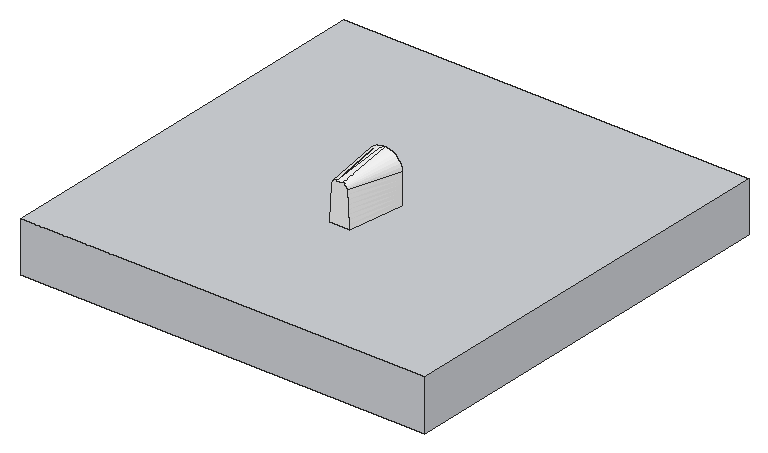
Revit family "IS_Eurovit+_V9211_BIM_NL", category Plumbing Fixtures, host Face, Revit 2014
Parameters (values of type "V921101 - EUROVIT SIFONKAP VOOR RECHTHOEK WASTAFEL")
  WaterEfficientProduct = no
  WashHandBasinType = "n/a"
  WashHandBasinMounting = "n/a"
  WarrantyStartDate [instance] = "1900-12-31T23:59:59"
  WarrantyGuarantorParts = Manufacturer  # "idealstandard.nl@idealstandard.com"
  WarrantyGuarantorLabor = "n/a"
  WarrantyDurationUnit = "jaar"
  WarrantyDurationParts = "5"
  WarrantyDurationLabor = "n/a"
  WarrantyDescription = "Fabrieksgarantie"
  WRAS = no
  WFU = 0
  VolumeUnits = "liter"
  Version = "1"
  Uniclass2015Version = "Products v1.1"
  Uniclass2015Title = "Pedestal wash basins"
  Uniclass2015Code = "Pr_40_20_96_63"
  URL = "www.idealstandardnederland.nl"
  Type Comments = "n/a"
  TagNumber [instance] = "n/a"
  SustainabilityPerformance = "n/a"
  Space = "Internal"
  Size = "210 x 280 x 335 mm"
  Shape = "Gesculptuurd"
  SerialNumber [instance] = "n/a"
  Revision = "n/a"
  ReplacementCost = "n/a"
  ProductInformation = "http://www.idealstandardnederland.nl/product/v921101"
  Phone = "31 (0) 77 355 08 08"
  NominalWidth = 210 mm
  NominalLength = 280 mm
  NominalHeight = 335 mm
  NominalDepth = 0 mm
  NettWeight = "8 kg"
  Name = "PedestalWashBasins_V921101_IdealStandard"
  NBSTypeID = "n/a"
  NBSReference = "45-35-70/365"
  NBSOfficeMasterTag = "n/a"
  NBSNote = "n/a"
  NBSDescription = "Pedestal wash basins"
  NBSCertification = "n/a"
  ModelReference = Description  # "Eurovit sifonkap voor wastafel."
  ModelNumber = Model  # "V921101"
  Model = "V921101"
  Material = "Keramiek"
  ManufacturerURL = "www.idealstandardnederland.nl"
  Manufacturer = "idealstandard.nl@idealstandard.com"
  LinearUnits = "millimeters"
  Keynote = "n/a"
  InstallationInstructions = "http://www.idealstandardnederland.nl/product/k813401"
  InstallationDate [instance] = "1900-12-31T23:59:59"
  IfcExportType = "WASHHANDBASIN"
  IfcExportAs = "IfcSanitaryType"
  Help = "idealstandard.nl@idealstandard.com"
  HWFU = 0
  GrossWeight = "n/a"
  Grade = "n/a"
  Finish = "Wit"
  Features = "Sifonkap voor wastafel."
  ExpectedLife = "25"
  ECA = no
  DurationUnit = "jaar"
  DrainSize = 0 mm
  DistributedBy = "n/a"
  Description = "Eurovit sifonkap voor wastafel."
  Default Elevation = 800 mm
  CurrencyUnit = "n/a"
  CreatedOn = "2016-12-14"
  Cost = 0
  Constituents = "n/a"
  ConnectionType = "Sanitair"
  Color = "Wit"
  CodePerformance = "n/a"
  Category = "n/a"
  CWFU = 0
  Brand = "Ideal Standard"
  BarCode = "8595095902732"
  BIMObjectName = "ISI_IdealStandard_PedestalWashBasins_V921101"
  Author = "Ideal Standard Nederland BV"
  AssetType = "Vast"
  AssetIdentifier [instance] = "n/a"
  Assembly Code = "C1030200"
  AreaUnits = "millimeters"
  AreaMeasurement = "n/a"
  Accessories = "www.idealstandardnederland.nl"
  AccessibilityPerformance = "n/a"
Reference planes
  plane 1 "Center (Front/Back)": y = 0
  plane 2: z = 0
  plane 3 "Center (Left/Right)": x = 0
  plane 4: y = -335
  plane 5: z = 280
  plane 6: z = 240
  plane 7: x = 105
  plane 8: x = -105
  plane 9: x = 62
  plane 10: x = -62
  plane 11: y = -325
Forms (mm)
  Extrusion 1, solid
    sketch origin (0, 0, 0) x (1, 0, 0) y (0, 1, 0)
      loop
        line (-1219.2, 1219.2) -> (-1219.2, -1219.2) -> (1219.2, -1219.2) -> (1219.2, 1219.2) -> (-1219.2, 1219.2)
    from 0 to -304.8
  Blend 2, solid, material "IS_RenderMaterial_VitreousChina"
    base sketch origin (0, 0, 0) x (1, 0, 0) y (0, 0, 1)
      loop
        line (7, 280) -> (-7, 280)
        arc (-7, 280) -> (-76.296, 251.296) -> (-105, 182) r 98
        line (-105, 182) -> (-105, 0) -> (105, 0) -> (105, 182)
        arc (105, 182) -> (76.296, 251.296) -> (7, 280) r 98
    top sketch origin (0, 0, 0) x (1, 0, 0) y (0, 0, 1)
      loop
        line (15.377, 240) -> (-15.377, 240)
        arc (-15.377, 240) -> (-37.201, 231.403) -> (-47.299, 210.232) r 32
        line (-47.299, 210.232) -> (-62, 0) -> (62, 0) -> (47.299, 210.232)
        arc (47.299, 210.232) -> (37.201, 231.403) -> (15.377, 240) r 32
    from 0 to 335
  Blend 3, void
    base sketch origin (0, 0, 0) x (-1, 0, 0) y (0, 0, 1)
      loop
        line (-95, 0) -> (0, 0) -> (95, 0) -> (95, 180)
        arc (95, 180) -> (68.64, 243.64) -> (5, 270) r 90
        line (5, 270) -> (0, 270) -> (-5, 270)
        arc (-5, 270) -> (-68.64, 243.64) -> (-95, 180) r 90
        line (-95, 180) -> (-95, 0)
    top sketch origin (0, 0, 0) x (-1, 0, 0) y (0, 0, 1)
      loop
        line (-52, 0) -> (0, 0) -> (52, 0) -> (37.218, 211.395)
        arc (37.218, 211.395) -> (30.906, 224.627) -> (17.267, 230) r 20
        line (17.267, 230) -> (0, 230) -> (-17.267, 230)
        arc (-17.267, 230) -> (-30.906, 224.627) -> (-37.218, 211.395) r 20
        line (-37.218, 211.395) -> (-52, 0)
    from 0 to -325
Cuts and joins
  Blend 3 cuts Blend 2
Dimensions and locks
  "NominalLength": plane 5 to Extrusion 1
  "NominalWidth": plane 8 to plane 7
  "NominalHeight": plane 1 "Center (Front/Back)" to plane 4
  aligned and locked: plane 2 to Extrusion 1
  aligned and locked: level to Extrusion 1
  aligned and locked: plane 6 to Blend 2 sketch curve
  aligned and locked: Blend 2 sketch curve to level
  aligned and locked: Blend 3 to plane 11
Automatic sketch dimensions
  Extrusion 1 sketch curve to Extrusion 1 sketch curve = 2438.4 mm  (x2)
  Blend 2 sketch curve to level = 0 mm
  plane 8 to Blend 2 sketch curve = 0 mm
  Blend 2 sketch curve to plane 5 = 0 mm
  Blend 2 sketch curve to plane 7 = 0 mm
  Blend 2 sketch curve to plane 3 "Center (Left/Right)" = 7 mm
  plane 3 "Center (Left/Right)" to Blend 2 sketch curve = 7 mm
  Blend 2 sketch curve to plane 10 = 0 mm
  plane 9 to Blend 2 sketch curve = 0 mm
  plane 10 to Blend 2 sketch curve = 14.701 mm
  Blend 2 sketch curve to plane 3 "Center (Left/Right)" = 15.377 mm
  plane 3 "Center (Left/Right)" to Blend 2 sketch curve = 15.377 mm
  plane 9 to Blend 2 sketch curve = 14.701 mm
  Blend 2 sketch curve to Blend 2 sketch curve = 32 mm
  Blend 2 sketch curve to Blend 2 sketch curve = 0 mm
  Blend 3 sketch curve to level = 0 mm  (x2)
  Blend 3 sketch curve to plane 3 "Center (Left/Right)" = 0 mm  (x4)
  plane 3 "Center (Left/Right)" to Blend 3 sketch curve = 5 mm
  Blend 3 sketch curve to plane 7 = 10 mm
  Blend 3 sketch curve to Blend 3 sketch curve = 5 mm
  Blend 3 sketch curve to plane 8 = 10 mm
  Blend 3 sketch curve to plane 6 = 60 mm
  Blend 3 sketch curve to plane 6 = 10 mm
  plane 3 "Center (Left/Right)" to Blend 3 sketch curve = 17.267 mm
  Blend 3 sketch curve to Blend 3 sketch curve = 19.951 mm  (x2)
  plane 9 to Blend 3 sketch curve = 10 mm
  Blend 3 sketch curve to Blend 3 sketch curve = 17.267 mm
  plane 10 to Blend 3 sketch curve = 10 mm
  Blend 3 sketch curve to Blend 3 sketch curve = 20 mm  (x2)
